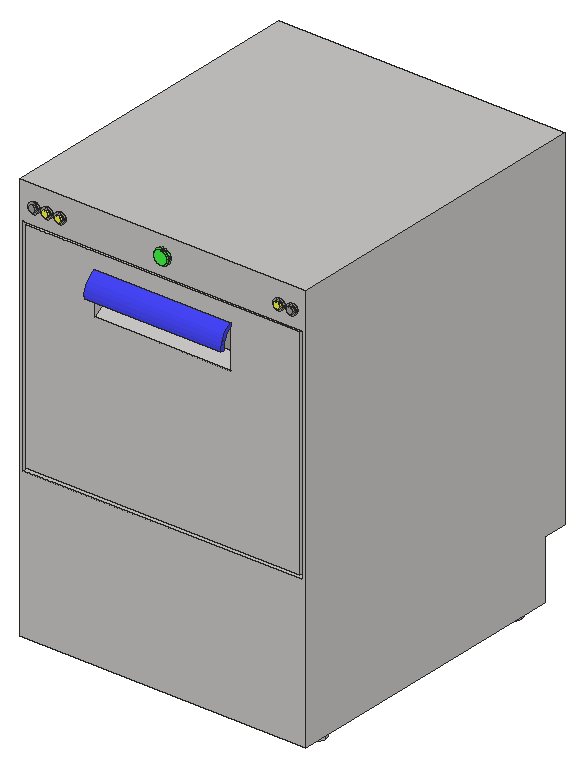
Revit family "QF_ELECTROLUXPROFESSIONAL_402275_EXSG", category Specialty Equipment, Revit 2018
Family settings
  Round Connector Dimension = Use Diameter
  Part Type = Normal
  Work Plane-Based = No
  Always vertical = Yes
  Cut with Voids When Loaded = No
  Shared = No
  Room Calculation Point = No
Parameters
  Weight = 35.00 kg
  Watts = 0 W
  Volts = 0 V
  URL Manufacturer = ""
  URL = "http://professional.electrolux.com/"
  Steam Supply Size = 0 mm
  Steam Supply Minimum Pressure = 0.0 Pa
  Steam Supply Maximum Pressure = 0.0 Pa
  Steam Pounds per Hour = 0
  Show Logo [instance] = yes
  Show Clearance [instance] = yes
  Refrigeration Suction Line Size = 0 mm
  Refrigeration Liquid Line Size = 0 mm
  Refrigerant Compressor Remote = yes
  Manufacturer = ""
  Phase = 0
  Model = ""
  Length Actual = 440 mm  # constant formula
  Item Number = ""
  Hot Water Size = 0 mm
  Height Actual = 640 mm  # constant formula
  HP = "0 HP"
  Gas Size = 0 mm
  Gas KW = 0
  Gas Input Pressure = 0 W
  Direct Waste Size = 29 mm
  Description = ""
  Depth Actual = 497 mm  # constant formula
  Cycle = 0 Hz
  Condensate Return Size = 0 mm
  Compressed Air Volume = 0.0 L/s
  Compressed Air Size = 0 mm
  Compressed Air Pressure = 0.0 Pa
  Cold Water Size = 0 mm
  Accessory = yes
Types (2, lengths in mm): name | Volts | URL Manufacturer | URL | Manufacturer | Phase | Model | Item Number | Description | Cycle | Cold Water Size
  (no name) | 0 V | "" | "http://professional.electrolux.com/" | "" | 0 | "" | "" | "" | 0 Hz | 0
  Standard | 220 V | "http://professional.electrolux.com" | "http://professional.electrolux.com" | "Electrolux Professional" | 1 | "EXSG" | "402275" | "GLASSWASHER(XS), SINGLE SKIN, DRAIN PUMP, DETERGENT DISPENSER, 30B/H" | 50 Hz | 19.05
Reference planes
  plane 1 "Center (Front/Back)": y = 0
  plane 2: z = 0
  plane 3 "Center (Left/Right)": x = 0
  plane 4 "LEFT": x = -220
  plane 5 "RIGHT": x = 220
  plane 6 "FRONT": y = -248.5
  plane 7 "BACK": y = 248.5
  plane 8: z = 640
  plane 9: z = 10
  plane 10: y = 209.5
Forms (mm)
  Extrusion 1, solid, material "QF_Finishes_Stainless Steel"
    sketch origin (0, 0, 0) x (1, 0, 0) y (0, 1, 0)
      loop
        line (-220, -248.5) -> (220, -248.5) -> (220, 209.5) -> (-220, 209.5) -> (-220, -248.5)
    from 10 to 640
  Extrusion 2, solid, material "QF_Finishes_Stainless Steel"
    sketch origin (0, 0, 0) x (1, 0, 0) y (0, 1, 0)
      loop
        line (-220, 209.5) -> (220, 209.5) -> (220, 248.5) -> (-220, 248.5) -> (-220, 209.5)
    from 100 to 640
  Extrusion 3, solid, material "QF_Finishes_Stainless Steel"
    sketch origin (0, 0, 0) x (1, 0, 0) y (0, 1, 0)
      loop
        circle (-200.5, 174.5) r 12.5
      loop
        circle (200.5, 174.5) r 12.5
      loop
        circle (-200.5, -201.5) r 12.5
      loop
        circle (200.5, -201.5) r 12.5
    from 0 to 10
  Extrusion 4, void
    sketch origin (-220, -248.5, 0) x (-1, 0, 0) y (0, 0, 1)
      loop
        line (-5, 583.217) -> (-435, 583.217) -> (-435, 240) -> (-5, 240) -> (-5, 583.217)
    from 0 to 30
  Extrusion 5, solid, material "QF_Finishes_Stainless Steel"
    sketch origin (-155, -431, 752) x (0, 0, -1) y (1, 0, 0)
      loop
        circle (693, 223) r 10
    from -640.5 to -679.5
  Extrusion 6, solid, material "QF_Door-Drawer Clearances", visible <- "Show Clearance", detail levels coarse
    sketch origin (-230, -282.5, 0) x (0, 1, 0) y (0, 0, -1)
      loop
        line (34, -245) -> (-259, -245)
        arc (-259, -245) -> (-178.223, -469.983) -> (34, -580) r 327.223
        line (34, -580) -> (34, -245)
    from -20 to -440
  Extrusion 7, solid, material "QF_Finishes_Stainless Steel"
    sketch origin (-434.481, -431, 722) x (0, 0, -1) y (1, 0, 0)
      loop
        circle (663, 332.481) r 8
    from -640.5 to -679.5
  Extrusion 8, solid, material "QF_Finishes_Stainless Steel"
    sketch origin (-230, -282.5, 0) x (0, 1, 0) y (0, 0, -1)
      loop
        line (34, -245) -> (34, -580) -> (59, -580) -> (59, -245) -> (34, -245)
    from -19.799 to -440
  Extrusion 9, solid, material "QF_Finishes_Stainless Steel"
    sketch origin (-275, -431, 682.5) x (0, 0, -1) y (1, 0, 0)
      loop
        circle (663, 238) r 8
    from -640.5 to -679.5
  Extrusion 10, solid, material "QF_Finishes_Green"
    sketch origin (-230, -248.5, 0) x (1, 0, 0) y (0, 0, 1)
      loop
        circle (230, 610.819) r 12
      loop
        circle (230, 610.819) r 10
    from 0 to 2.5
  Extrusion 11, void
    sketch origin (-225.452, 209.5, 42.5) x (0, 1, 0) y (0, 0, 1)
      loop
        line (-458, 508.217) -> (-458, 447.5) -> (-436.349, 460) -> (-458, 508.217)
    from 120.452 to 330.452
  Extrusion 12, solid, material "QF_Finishes_Blue"
    sketch origin (-220, 209.5, 0) x (0, -1, 0) y (0, 0, 1)
      loop
        line (458, 555.863) -> (458, 550.513)
        arc (458, 550.513) -> (469.966, 539.801) -> (472.861, 524.005) r 24.803
        line (472.861, 524.005) -> (477.907, 524.005)
        arc (477.907, 524.005) -> (473.605, 543.465) -> (458, 555.863) r 29.803
    from -325 to -115
  Extrusion 13, solid, material "QF_Finishes_Green"
    sketch origin (234, -248.5, -28.75) x (-1, 0, 0) y (0, 0, -1)
      loop
        circle (234, -639.569) r 10
    from 0 to 5
  Extrusion 14, solid, material "QF_Finishes_Gray"
    sketch origin (109.577, -248.5, -30.575) x (-1, 0, 0) y (0, 0, -1)
      loop
        circle (306.936, -638.972) r 5
    from 0 to 5
  Extrusion 15, solid, material "QF_Finishes_Gray"
    sketch origin (-63.82, -248.5, -35.2) x (1, 0, 0) y (0, 0, 1)
      loop
        circle (262.936, 643.347) r 8
      loop
        circle (262.936, 643.347) r 5
      loop
        circle (242.936, 643.347) r 8
      loop
        circle (242.936, 643.347) r 5
    from 0 to 2.5
  Extrusion 16, solid, material "QF_Finishes_Gray"
    sketch origin (-87.82, -248.5, -30.825) x (1, 0, 0) y (0, 0, 1)
      loop
        circle (286.936, 638.972) r 5
    from 0 to 5
  Extrusion 17, solid, material "QF_Finishes_Gray"
    sketch origin (85.577, -248.5, -34.95) x (-1, 0, 0) y (0, 0, -1)
      loop
        circle (262.936, -643.347) r 8
      loop
        circle (262.936, -643.347) r 5
      loop
        circle (242.936, -643.347) r 8
      loop
        circle (242.936, -643.347) r 5
      loop
        circle (282.936, -643.347) r 8
      loop
        circle (282.936, -643.347) r 5
    from 0 to 2.5
  Extrusion 18, solid, material "QF_Finishes_Yellow"
    sketch origin (129.577, -248.5, -30.575) x (-1, 0, 0) y (0, 0, -1)
      loop
        circle (306.936, -638.972) r 5
    from 0 to 5
  Extrusion 19, solid, material "QF_Finishes_Yellow"
    sketch origin (149.577, -248.5, -30.575) x (-1, 0, 0) y (0, 0, -1)
      loop
        circle (306.936, -638.972) r 5
    from 0 to 5
  Extrusion 20, solid, material "QF_Finishes_Yellow"
    sketch origin (486.051, -248.5, -30.825) x (-1, 0, 0) y (0, 0, -1)
      loop
        circle (306.936, -638.972) r 5
    from 0 to 5
Cuts and joins
  Extrusion 4 cuts Extrusion 1
  joined: Extrusion 1, Extrusion 2
  Extrusion 11 cuts Extrusion 8
Lines and regions (mm)
  Split face 1
    outline origin (-220, -248.5, 640) x (0, 0, -1) y (1, 0, 0)
      loop
        line (56.783, 5) -> (56.783, 0)
      loop
        line (56.783, 435) -> (56.783, 440)
      loop
        line (22.034, 440) -> (22.034, 369.297)
        arc (22.034, 369.297) -> (22.64, 366.25) -> (24.366, 363.667) r 7.962
        line (24.366, 363.667) -> (44.289, 343.744)
        arc (44.289, 343.744) -> (46.135, 340.982) -> (46.783, 337.723) r 8.515
        line (46.783, 337.723) -> (46.783, 239.844)
        arc (46.783, 239.844) -> (46.096, 238.186) -> (44.439, 237.5) r 2.344
        line (44.439, 237.5) -> (15.017, 237.5)
        arc (15.017, 237.5) -> (12.73, 236.553) -> (11.783, 234.266) r 3.234
        line (11.783, 234.266) -> (11.783, 220) -> (11.783, 205.734)
        arc (11.783, 205.734) -> (12.73, 203.447) -> (15.017, 202.5) r 3.234
        line (15.017, 202.5) -> (44.439, 202.5)
        arc (44.439, 202.5) -> (46.096, 201.814) -> (46.783, 200.156) r 2.344
        line (46.783, 200.156) -> (46.783, 102.277)
        arc (46.783, 102.277) -> (46.135, 99.018) -> (44.289, 96.256) r 8.515
        line (44.289, 96.256) -> (24.366, 76.333)
        arc (24.366, 76.333) -> (22.64, 73.75) -> (22.034, 70.703) r 7.962
        line (22.034, 70.703) -> (22.034, 0)
  symbolic lines
    curve 1: line (-220, 248.5, 0) -> (220, 248.5, 0)
    curve 2: line (-220, -248.5, 0) -> (-220, 248.5, 0)
    curve 3: line (220, -248.5, 0) -> (-220, -248.5, 0)
    curve 4: line (220, 248.5, 0) -> (220, -248.5, 0)
    curve 8: line (-12, -251, 0) -> (12, -251, 0)
    curve 9: line (12, -251, 0) -> (12, -248.5, 0)
    curve 10: line (-12, -251, 0) -> (-12, -248.5, 0)
    curve 11: line (-10, -253.5, 0) -> (10, -253.5, 0)
    curve 12: line (10, -253.5, 0) -> (10, -251, 0)
    curve 13: line (-10, -253.5, 0) -> (-10, -251, 0)
    curve 16: line (-205.359, -251, 0) -> (-205.359, -248.5, 0)
    curve 17: line (-189.368, -251, 0) -> (-189.368, -248.5, 0)
    curve 18: line (-202.346, -253.5, 0) -> (-192.355, -253.5, 0)
    curve 19: line (-192.355, -253.5, 0) -> (-192.355, -251, 0)
    curve 20: line (-202.346, -253.5, 0) -> (-202.346, -251, 0)
    curve 21: line (-185.355, -251, 0) -> (-169.355, -251, 0)
    curve 22: line (-169.355, -251, 0) -> (-169.355, -248.5, 0)
    curve 23: line (-185.355, -251, 0) -> (-185.355, -248.5, 0)
    curve 24: line (-182.355, -253.5, 0) -> (-172.355, -253.5, 0)
    curve 25: line (-172.355, -253.5, 0) -> (-172.355, -251, 0)
    curve 26: line (-182.355, -253.5, 0) -> (-182.355, -251, 0)
    curve 27: line (-165.355, -251, 0) -> (-149.355, -251, 0)
    curve 28: line (-149.355, -251, 0) -> (-149.355, -248.5, 0)
    curve 29: line (-165.355, -251, 0) -> (-165.355, -248.5, 0)
    curve 30: line (-162.355, -253.5, 0) -> (-152.355, -253.5, 0)
    curve 31: line (-152.355, -253.5, 0) -> (-152.355, -251, 0)
    curve 32: line (-162.355, -253.5, 0) -> (-162.355, -251, 0)
    curve 33: line (171.115, -251, 0) -> (187.115, -251, 0)
    curve 34: line (187.115, -251, 0) -> (187.115, -248.5, 0)
    curve 35: line (174.115, -253.5, 0) -> (184.115, -253.5, 0)
    curve 36: line (184.115, -253.5, 0) -> (184.115, -251, 0)
    curve 37: line (174.115, -253.5, 0) -> (174.115, -251, 0)
    curve 38: line (171.115, -251, 0) -> (171.115, -248.5, 0)
    curve 39: line (191.115, -251, 0) -> (207.115, -251, 0)
    curve 40: line (207.115, -251, 0) -> (207.115, -248.5, 0)
    curve 41: line (194.115, -253.5, 0) -> (204.115, -253.5, 0)
    curve 42: line (204.115, -253.5, 0) -> (204.115, -251, 0)
    curve 43: line (194.115, -253.5, 0) -> (194.115, -251, 0)
    curve 44: line (191.115, -251, 0) -> (191.115, -248.5, 0)
    curve 45: line (-105, -248.5, 0) -> (-105, -268.634, 0)
    curve 46: line (105, -248.5, 0) -> (105, -268.634, 0)
    curve 47: line (105, -268.634, 0) -> (-105, -268.634, 0)
  symbolic lines, style "QF_Door-Drawer Clearances"
    curve 5: line (-210, -541.5, 0) -> (210, -541.5, 0)
    curve 6: line (210, -541.5, 0) -> (210, -248.5, 0)
    curve 7: line (-210, -541.5, 0) -> (-210, -248.5, 0)
  symbolic lines, style "SpecialityEquipmentHiddenLines"
    curve 14: line (-220, 209.5, 0) -> (220, 209.5, 0)
  symbolic lines, style "SpecialityEquipment"
    curve 15: line (-205.359, -251, 0) -> (-189.368, -251, 0)
Dimensions and locks
  equal spacing: plane 4 "LEFT", plane 3 "Center (Left/Right)", plane 5 "RIGHT"
  equal spacing: plane 7 "BACK", plane 1 "Center (Front/Back)", plane 6 "FRONT"
  plane 7 "BACK" to plane 6 "FRONT" = 497 mm
  plane 4 "LEFT" to plane 5 "RIGHT" = 440 mm
  locked: plane 9 to level at 10
  plane 4 "LEFT" to plane 3 "Center (Left/Right)" = 220 mm
  plane 8 to level = 640 mm  (x2)
  level to Extrusion 9 sketch curve = 19.5 mm
  Extrusion 9 sketch curve to plane 4 "LEFT" = 183 mm
  level to Extrusion 5 sketch curve = 59 mm
  Extrusion 5 sketch curve to plane 4 "LEFT" = 288 mm
  Extrusion 7 sketch curve to plane 4 "LEFT" = 118 mm
  level to Extrusion 7 sketch curve = 59 mm
  Extrusion 3 to cut or joined group of Extrusion 1, Extrusion 2, Extrusion 4 = 74 mm
  Extrusion 3 to Extrusion 3 = 376 mm
  plane 6 "FRONT" to Extrusion 3 = 47 mm
  plane 1 "Center (Front/Back)" to plane 6 "FRONT" = 248.5 mm
  locked: plane 7 "BACK" to plane 10 at 39
  plane 6 "FRONT" to curve 5 = 293 mm
  Extrusion 8 to cut or joined group of Extrusion 1, Extrusion 2, Extrusion 4 = 340 mm
  aligned and locked: level to plane 2
  aligned and locked: Extrusion 1 sketch curve to plane 6 "FRONT"
  aligned and locked: Extrusion 1 sketch curve to plane 4 "LEFT"
  aligned and locked: plane 5 "RIGHT" to Extrusion 1 sketch curve
  aligned and locked: Extrusion 1 to plane 9
  aligned and locked: Extrusion 2 sketch curve to Extrusion 1
  aligned and locked: plane 7 "BACK" to Extrusion 2 sketch curve
  aligned and locked: plane 5 "RIGHT" to Extrusion 2 sketch curve
  aligned and locked: plane 9 to Extrusion 3
  aligned and locked: cut or joined group of Extrusion 1, Extrusion 2, Extrusion 4 to plane 10
Automatic sketch dimensions
  Extrusion 11 sketch curve to plane 6 "FRONT" = 0 mm
  plane 6 "FRONT" to Extrusion 11 sketch curve = 21.651 mm
  Extrusion 11 sketch curve to plane 8 = 150 mm
  Extrusion 11 sketch curve to Extrusion 11 sketch curve = 12.5 mm
  Extrusion 11 sketch curve to Extrusion 11 sketch curve = 48.217 mm
  Extrusion 13 sketch curve to Extrusion 13 sketch curve = 0 mm  (x2)
  Extrusion 13 sketch curve to plane 3 "Center (Left/Right)" = 0 mm
  Extrusion 13 sketch curve to plane 8 = 29.181 mm
  plane 3 "Center (Left/Right)" to Extrusion 13 sketch curve = 10 mm
  Extrusion 14 sketch curve to Extrusion 14 sketch curve = 0 mm  (x2)
  Extrusion 14 sketch curve to plane 8 = 31.603 mm
  Extrusion 14 sketch curve to plane 3 "Center (Left/Right)" = 197.359 mm
  Extrusion 14 sketch curve to Extrusion 14 sketch curve = 5 mm
  Extrusion 15 sketch curve to Extrusion 15 sketch curve = 0 mm  (x5)
  plane 3 "Center (Left/Right)" to Extrusion 15 sketch curve = 179.115 mm
  Extrusion 15 sketch curve to Extrusion 15 sketch curve = 20 mm
  Extrusion 15 sketch curve to plane 8 = 31.853 mm
  Extrusion 16 sketch curve to plane 8 = 31.853 mm
  plane 3 "Center (Left/Right)" to Extrusion 16 sketch curve = 199.115 mm
  Extrusion 16 sketch curve to Extrusion 16 sketch curve = 5 mm
  Extrusion 17 sketch curve to Extrusion 17 sketch curve = 0 mm  (x8)
  Extrusion 17 sketch curve to plane 3 "Center (Left/Right)" = 157.359 mm
  Extrusion 17 sketch curve to Extrusion 17 sketch curve = 20 mm  (x2)
  Extrusion 17 sketch curve to plane 8 = 31.603 mm
  Extrusion 18 sketch curve to Extrusion 18 sketch curve = 0 mm  (x2)
  Extrusion 18 sketch curve to plane 8 = 31.603 mm
  Extrusion 18 sketch curve to plane 3 "Center (Left/Right)" = 177.359 mm
  Extrusion 18 sketch curve to Extrusion 18 sketch curve = 5 mm
  Extrusion 19 sketch curve to Extrusion 19 sketch curve = 0 mm  (x2)
  Extrusion 19 sketch curve to plane 3 "Center (Left/Right)" = 157.359 mm
  Extrusion 19 sketch curve to plane 8 = 31.603 mm
  Extrusion 19 sketch curve to Extrusion 19 sketch curve = 5 mm
  Extrusion 20 sketch curve to Extrusion 20 sketch curve = 0 mm  (x2)
  plane 3 "Center (Left/Right)" to Extrusion 20 sketch curve = 179.115 mm
  Extrusion 20 sketch curve to plane 8 = 31.853 mm
  Extrusion 20 sketch curve to Extrusion 20 sketch curve = 5 mm
  Extrusion 6 sketch curve to plane 6 "FRONT" = 0 mm
  Extrusion 6 sketch curve to plane 6 "FRONT" = 293 mm
  plane 6 "FRONT" to Extrusion 6 sketch curve = 34.083 mm
  Extrusion 6 sketch curve to plane 8 = 60 mm
  level to Extrusion 6 sketch curve = 254.557 mm
  Extrusion 1 sketch curve to plane 10 = 0 mm
  Extrusion 2 sketch curve to plane 10 = 0 mm
  plane 4 "LEFT" to Extrusion 3 sketch curve = 19.5 mm  (x2)
  Extrusion 3 sketch curve to plane 5 "RIGHT" = 19.5 mm  (x2)
  plane 6 "FRONT" to Extrusion 3 sketch curve = 47 mm  (x2)
  Extrusion 3 sketch curve to plane 10 = 35 mm  (x2)
  Extrusion 4 sketch curve to Extrusion 1 = 5 mm  (x2)
  Extrusion 4 sketch curve to Extrusion 1 = 230 mm
  Extrusion 4 sketch curve to Extrusion 1 = 56.783 mm
  Extrusion 8 sketch curve to plane 6 "FRONT" = 0 mm
  Extrusion 8 sketch curve to Extrusion 8 sketch curve = 25 mm
  Extrusion 8 sketch curve to plane 8 = 60 mm
  plane 9 to Extrusion 8 sketch curve = 235 mm
  Extrusion 10 sketch curve to Extrusion 10 sketch curve = 0 mm  (x2)
  Extrusion 1 to Extrusion 10 sketch curve = 29.181 mm
  Extrusion 1 to Extrusion 10 sketch curve = 220 mm
  Extrusion 12 sketch curve to Extrusion 12 sketch curve = 0 mm  (x2)
  Extrusion 12 sketch curve to Extrusion 1 = 0 mm
  Extrusion 12 sketch curve to Extrusion 1 = 9.669 mm
  Extrusion 1 to Extrusion 12 sketch curve = 14.861 mm
  Extrusion 12 sketch curve to Extrusion 12 sketch curve = 5.046 mm
  Extrusion 1 to Extrusion 12 sketch curve = 115.995 mm
  Extrusion 12 sketch curve to Extrusion 12 sketch curve = 3.668 mm
  cut or joined group of Extrusion 1, Extrusion 2, Extrusion 4 to Split face 1 sketch curve = 0 mm  (x2)
  Split face 1 sketch curve to cut or joined group of Extrusion 1, Extrusion 2, Extrusion 4 = 0 mm  (x6)
  cut or joined group of Extrusion 1, Extrusion 2, Extrusion 4 to Split face 1 sketch curve = 10 mm  (x2)
  Split face 1 sketch curve to Split face 1 sketch curve = 2.344 mm  (x2)
  Split face 1 sketch curve to Split face 1 sketch curve = 2.494 mm  (x2)
  Split face 1 sketch curve to Split face 1 sketch curve = 8.515 mm  (x2)
  cut or joined group of Extrusion 1, Extrusion 2, Extrusion 4 to Split face 1 sketch curve = 26.786 mm  (x2)
  Split face 1 sketch curve to Split face 1 sketch curve = 5.63 mm  (x2)
  Split face 1 sketch curve to Split face 1 sketch curve = 2.332 mm  (x2)
  Split face 1 sketch curve to cut or joined group of Extrusion 1, Extrusion 2, Extrusion 4 = 15.017 mm  (x2)
  Split face 1 sketch curve to cut or joined group of Extrusion 1, Extrusion 2, Extrusion 4 = 11.783 mm
  Split face 1 sketch curve to cut or joined group of Extrusion 1, Extrusion 2, Extrusion 4 = 65.703 mm
  Split face 1 sketch curve to Split face 1 sketch curve = 19.923 mm  (x2)
  Split face 1 sketch curve to Split face 1 sketch curve = 97.879 mm
  Split face 1 sketch curve to Split face 1 sketch curve = 14.266 mm  (x2)
  Split face 1 sketch curve to cut or joined group of Extrusion 1, Extrusion 2, Extrusion 4 = 97.277 mm
  curve 1 to plane 4 "LEFT" = 0 mm
  curve 7 to plane 6 "FRONT" = 0 mm
  curve 3 to plane 5 "RIGHT" = 0 mm
  curve 14 to plane 10 = 0 mm
  curve 2 to plane 7 "BACK" = 0 mm
  plane 4 "LEFT" to curve 5 = 10 mm
  curve 15 to plane 6 "FRONT" = 2.5 mm
  curve 7 to curve 15 = 4.641 mm
  curve 15 to curve 20 = 3.013 mm
  curve 18 to curve 18 = 9.991 mm
  curve 19 to curve 15 = 2.987 mm
  curve 15 to curve 21 = 4.013 mm
  curve 21 to curve 26 = 3 mm
  curve 24 to plane 6 "FRONT" = 5 mm
  curve 24 to curve 24 = 10 mm
  curve 25 to curve 22 = 3 mm
  curve 21 to curve 29 = 4 mm
  curve 27 to curve 32 = 3 mm
  curve 31 to plane 6 "FRONT" = 5 mm
  curve 30 to curve 31 = 10 mm
  curve 31 to curve 27 = 3 mm
  curve 8 to plane 6 "FRONT" = 2.5 mm
  curve 8 to plane 3 "Center (Left/Right)" = 12 mm
  curve 8 to curve 11 = 2 mm
  plane 3 "Center (Left/Right)" to curve 12 = 10 mm
  curve 12 to curve 9 = 2 mm
  curve 33 to plane 6 "FRONT" = 2.5 mm
  curve 33 to plane 5 "RIGHT" = 48.885 mm
  curve 33 to curve 37 = 3 mm
  curve 35 to plane 6 "FRONT" = 5 mm
  curve 35 to curve 35 = 10 mm
  curve 36 to curve 34 = 3 mm
  curve 33 to curve 39 = 4 mm
  curve 39 to curve 43 = 3 mm
  curve 42 to plane 6 "FRONT" = 5 mm
  curve 41 to curve 42 = 10 mm
  curve 42 to curve 39 = 3 mm
  curve 6 to plane 5 "RIGHT" = 10 mm
  curve 11 to curve 13 = 2.5 mm
  curve 20 to curve 20 = 2.5 mm
  curve 44 to plane 6 "FRONT" = 2.5 mm
  curve 21 to plane 6 "FRONT" = 2.5 mm
  curve 27 to plane 6 "FRONT" = 2.5 mm
  curve 27 to curve 45 = 44.355 mm
  curve 46 to plane 6 "FRONT" = 20.134 mm
  curve 46 to curve 33 = 66.115 mm
  radius of Extrusion 5 sketch curve = 10 mm
  radius of Extrusion 7 sketch curve = 8 mm
  radius of Extrusion 9 sketch curve = 8 mm
  radius of Extrusion 15 sketch curve = 8 mm  (x2)
  radius of Extrusion 15 sketch curve = 5 mm  (x2)
  radius of Extrusion 17 sketch curve = 8 mm  (x3)
  radius of Extrusion 17 sketch curve = 5 mm  (x3)
  radius of Extrusion 3 sketch curve = 12.5 mm  (x4)
  radius of Extrusion 10 sketch curve = 12 mm
  radius of Extrusion 10 sketch curve = 10 mm
Connectors
  piping at (68, 248.5, 59), diameter 20
    settings: on Extrusion 5, index 1, connector inside diameter 609.6 mm, connector length 0 mm, flow factor 0, pipe flow 0.0 L/s, pressure drop 0.0 Pa, fitting loss kfactor 0, connector angle 0.00°, fixture units 0, engagement length 0 mm, angle of deflection 0.00°, flow configuration 1, flow direction 1, fitting loss method 0, system type 16, joint type 0, gender type 0, connector reference index -1, connector utility 0, adjustable connector no, is connector primary yes, connector description "Drain"
  piping at (-102, 248.5, 59), driven by "Cold Water Size"
    settings: on Extrusion 7, index 3, connector diameter 0 mm, connector inside diameter 609.6 mm, connector length 0 mm, flow factor 0, pipe flow 0.0 L/s, pressure drop 0.0 Pa, fitting loss kfactor 0, connector angle 0.00°, fixture units 0, engagement length 0 mm, angle of deflection 0.00°, flow configuration 1, flow direction 1, fitting loss method 0, system type 20, joint type 0, gender type 0, connector reference index -1, connector utility 0, adjustable connector no, is connector primary no, connector description "Cold Water Inlet"
  electrical at (-37, 248.5, 19.5), driven by "Volts"
    settings: on Extrusion 9, index 4, voltage 0 V, apparent load 0 VA, apparent load phase1 0 VA, apparent load phase2 0 VA, apparent load phase3 0 VA, power factor 1, load classification "Altro", number of poles 1, system type 31, power factor state 1, is connector primary yes, connector utility no, sub classification motor no, connector description "Electrical Connection"
